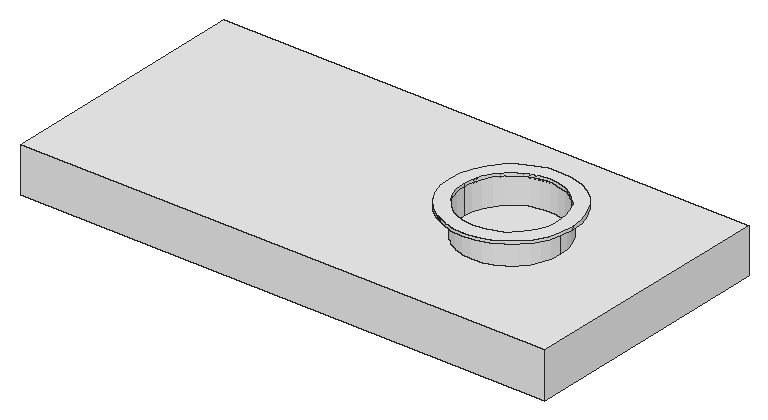
Revit family "Lighting-Recessed-Amerlux-Solace Round Downlight", category Lighting Fixtures, host Face, Revit 2017
Family settings
  Host = Face
  Round Connector Dimension = Use Diameter
  Part Type = Normal
  Cut with Voids When Loaded = No
  Light Source = Yes
  Shared = No
  Room Calculation Point = No
Parameters (values of type "Downlight")
  Width = 8"
  Wattage = 9.2903 W
  built-in parameter 1150110 = 1 (stored number, unit not read)
  Voltage = 0 V
  URL = "http://www.amerlux.com/"
  Trim Size = 3 7/8"
  Trim [instance] = yes
  built-in parameter 1114217 = 1 (stored number, unit not read)
  Tilt Angle = -90.00°
  built-in parameter 1150109 = 1 (stored number, unit not read)
  built-in parameter 1150134 = 3
  built-in parameter 1150113 = 1 (stored number, unit not read)
  Power Factor = 1
  Photometric Web File = "Load File"
  Number of Poles = 1
  built-in parameter 1150142 = (empty or 0)
  Model Number = ""
  Model = "SOL-RD"
  Manufacturer = "Amerlux"
  built-in parameter 1150105 = 109.82 (stored number, unit not read)
  Lumens = 1380 lm
  built-in parameter 1150115 = 1 (stored number, unit not read)
  built-in parameter 1150137 = (empty or 0)
  built-in parameter 1150139 = (empty or 0)
  Length = 16 1/2"
  built-in parameter 1150112 = 1 (stored number, unit not read)
  built-in parameter 1150114 = 1 (stored number, unit not read)
  Lamp = "LED"
  built-in parameter 1150132 = (empty or 0)
  built-in parameter 1150102 = (empty or 0)
  built-in parameter 1150107 = 3200 (stored number, unit not read)
  built-in parameter 1150138 = (empty or 0)
  built-in parameter 1150106 = 1.0982 (stored number, unit not read)
  Height = 2 1/4"
  Emit from Circle Diameter = Aperture Size  # 3"
  Emit Shape Visible in Rendering = no
  built-in parameter 1150104 = 13.8 (stored number, unit not read)
  Dimming Lamp Color Temperature Shift = <None>
  Dimming = ""
  Description = "Shallow Round Downlight"
  Default Elevation = 48"
  Color Filter = 16777215
  built-in parameter 1114218 = 1 (stored number, unit not read)
  built-in parameter 1150133 = 10 (stored number, unit not read)
  Apparent Load = 0 VA
  Aperture Size = 3"
Types (3): name | Emit from Circle Diameter | Aperture Size
  (no name) | 3" | 3"
  Downlight | 3" | 3"
  Pinhole | 1 9/16" | 1 9/16"
Reference planes (in)
  plane 1 "Center (Front/Back)": y = 0
  plane 2: z = 0
  plane 3 "Center (Left/Right)": x = 0
  plane 4: x = -12.25
  plane 5: x = 4.25
  plane 6: z = -2.25
  plane 7: y = 4
  plane 8: y = -4
Forms (in)
  Extrusion 1, solid, material "Housing"
    sketch origin (0, 0, 0) x (1, 0, 0) y (0, 1, 0)
      loop
        line (-12.25, 4) -> (-12.25, -4) -> (4.25, -4) -> (4.25, 4) -> (-12.25, 4)
    from -2.25 to -0.8255
  Extrusion 2, solid, material "Trim Finish", visible <- "Trim"
    sketch origin (0, 0, 0) x (1, 0, 0) y (0, 1, 0)
      loop
        circle (0, 0) r 1.9375
      loop
        circle (0, 0) r 1.5
    from 0 to 0.08709
  Extrusion 3, void
    sketch origin (0, 0, 0) x (1, 0, 0) y (0, 1, 0)
      loop
        circle (0, 0) r 1.5
    from -0.8255 to 0.08709
  Extrusion 4, solid, material "Housing"
    sketch origin (0, 0, 0) x (1, 0, 0) y (0, 1, 0)
      loop
        circle (0, 0) r 1.5
      loop
        circle (0, 0) r 1.55451
    from -0.8255 to 0
Cuts and joins
  Extrusion 3 cuts Extrusion 2
Dimensions and locks (in)
  "Height": plane 6 to host face
  plane 5 to plane 3 "Center (Left/Right)" = 4 1/4"
  equal spacing: plane 7, plane 1 "Center (Front/Back)", plane 8
  "Width": plane 7 to plane 8
  "Length": plane 4 to plane 5
  plane 3 "Center (Left/Right)" to plane 5 = 4 1/4"
  "Trim Size": diameter of Extrusion 2 sketch curve
  "Aperture Size": diameter of Extrusion 3 sketch curve
  "Aperture Size": diameter of Extrusion 2 sketch curve
  aligned and locked: plane 2 to host face
  aligned and locked: level to host face
  aligned and locked: Extrusion 1 to plane 6
  aligned and locked: Extrusion 1 to plane 8
  aligned and locked: plane 7 to Extrusion 1
  aligned and locked: plane 5 to Extrusion 1
  aligned and locked: Extrusion 1 to plane 4
  aligned and locked: Extrusion 4 to Extrusion 1
  aligned and locked: level to Extrusion 4
Automatic sketch dimensions
  host sketch curve to host sketch curve = 54.51167"
  host sketch curve to host sketch curve = 52.40009"
  plane 4 to Extrusion 1 sketch curve = 0"
  Extrusion 1 sketch curve to plane 5 = 0"
  Extrusion 1 sketch curve to plane 8 = 0"
  Extrusion 1 sketch curve to plane 7 = 0"
  Extrusion 4 sketch curve to Extrusion 4 sketch curve = 0"  (x2)
  plane 1 "Center (Front/Back)" to Extrusion 4 sketch curve = 0"
  Extrusion 4 sketch curve to plane 3 "Center (Left/Right)" = 0"
  Extrusion 2 sketch curve to Extrusion 2 sketch curve = 0"  (x2)
  plane 1 "Center (Front/Back)" to Extrusion 2 sketch curve = 0"
  Extrusion 2 sketch curve to plane 3 "Center (Left/Right)" = 0"
  plane 1 "Center (Front/Back)" to Extrusion 3 sketch curve = 0"
  Extrusion 3 sketch curve to plane 3 "Center (Left/Right)" = 0"
  radius of Extrusion 4 sketch curve = 1 1/2"
  radius of Extrusion 4 sketch curve = 1.55451"
Connectors (in)
  electrical at (-4, 0, -2.25), driven by "Number of Poles", driven by "Voltage", driven by "Apparent Load", driven by "Power Factor"
    settings: on Extrusion 1, index 1, voltage 0 V, apparent load 0 VA, apparent load phase1 0 VA, apparent load phase2 0 VA, apparent load phase3 0 VA, power factor 1, load classification "Other", number of poles 1, system type 31, power factor state 1, is connector primary yes, connector utility no, sub classification motor no, connector description "Power"
